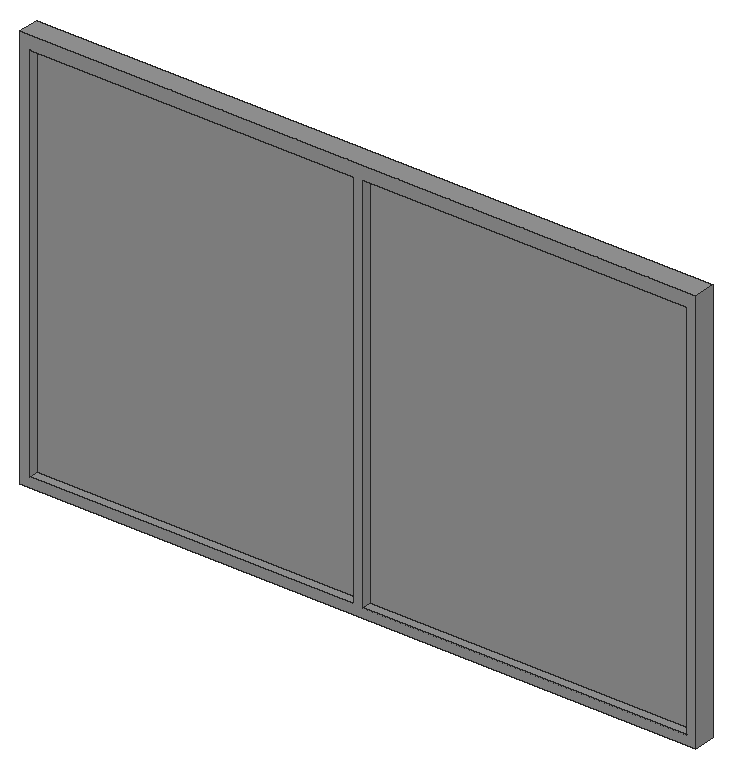
Revit family "Window W5 W6", category Windows, host Wall, Revit 2025
Family settings
  Host = Wall
  OmniClass Number = 23.30.20.00
  OmniClass Title = Windows
  Always vertical = Yes
  Cut with Voids When Loaded = No
  Shared = No
  Room Calculation Point = No
Parameters (values of type "W6")
  Window Width = 0.5"
  Rough Height = 126"
  Height = 83"
  Glass Material = Glass, Clear Glazing, Tempered
  Frame Width = 4.5"
  Frame Size = 2"
  Frame Material = Laminate, Black
  Default Sill Height = 36"
  Wall Closure = By host
  Width = 146.5"
Types (3): name | Width
  (no name) | 146.5"
  W6 | 146.5"
  W5 | 160"
Reference planes (in)
  plane 1 "Center (Front/Back)": y = 0
  plane 2: z = 0
  plane 3 "Center (Left/Right)": x = 0
  plane 4 "Sill": z = 36
  plane 5: y = 2.25
  plane 6: y = -2.25
  plane 7: y = 0.25
  plane 8: y = -0.25
Forms (in)
  Extrusion 1, solid, material "Laminate, Black" <- "Frame Material"
    sketch origin (0, 0, 0) x (1, 0, 0) y (0, 0, 1)
      loop
        line (73.25, 112) -> (-73.25, 112) -> (-73.25, 24) -> (73.25, 24) -> (73.25, 112)
      loop
        line (71.25, 109) -> (1, 109) -> (1, 26) -> (71.25, 26) -> (71.25, 109)
      loop
        line (-71.25, 109) -> (-71.25, 26) -> (-1, 26) -> (-1, 109) -> (-71.25, 109)
    from -2.25 to 2.25
  Extrusion 2, solid, material "Glass, Clear Glazing, Tempered" <- "Glass Material"
    sketch origin (0, 0, 0) x (1, 0, 0) y (0, 0, 1)
      loop
        line (-71.25, 109) -> (-71.25, 26) -> (-1, 26) -> (-1, 109) -> (-71.25, 109)
      loop
        line (1, 26) -> (71.25, 26) -> (71.25, 109) -> (1, 109) -> (1, 26)
    from -0.25 to 0.25
Lines and regions (in)
  Opening 1
    outline origin (-60, -7, 0) x (1, 0, 0) y (0, 0, 1)
      loop
        line (-13.25, 112) -> (-13.25, 24) -> (133.25, 24) -> (133.25, 112) -> (-13.25, 112)
Text (in)
  text "EXTERIOR" at (-58.6888, 50.90694, 0), in view "Ref. Level"
  text "INTERIOR" at (-58.6888, -37.76638, 0), in view "Ref. Level"
  text "Exterior" at (0, 43.65631, 123.19604), in view "Left"
  text "Exterior" at (0, 18.29385, 125.04747), in view "Right"
Dimensions and locks (in)
  equal spacing: Opening 1 sketch curve, plane 3 "Center (Left/Right)", Opening 1 sketch curve
  equal spacing: Extrusion 1 sketch curve, plane 3 "Center (Left/Right)", Extrusion 1 sketch curve  (x3)
  plane 2 to Extrusion 1 sketch curve = 24"
  "Frame Size": Extrusion 1 sketch curve to Extrusion 1 sketch curve  (x3)
  Extrusion 1 sketch curve to Extrusion 1 sketch curve = 70.25"  (x2)
  Extrusion 1 sketch curve to Extrusion 1 sketch curve = 2"
  "Height": Extrusion 1 sketch curve to Extrusion 1 sketch curve
  "Width": Extrusion 1 sketch curve to Extrusion 1 sketch curve
  Extrusion 1 sketch curve to Extrusion 1 sketch curve = 3"
  equal spacing: host wall, plane 1 "Center (Front/Back)", host wall
  equal spacing: plane 6, plane 1 "Center (Front/Back)", plane 5
  "Frame Width": plane 5 to plane 6
  equal spacing: plane 7, plane 1 "Center (Front/Back)", plane 8
  "Window Width": plane 7 to plane 8
  aligned and locked: level to plane 2
  aligned and locked: Extrusion 1 sketch curve to Extrusion 1 sketch curve
  aligned and locked: Extrusion 1 to plane 6
  aligned and locked: plane 5 to Extrusion 1
  aligned and locked: Opening 1 sketch curve to Extrusion 1  (x3)
  aligned and locked: plane 7 to Extrusion 2
  aligned and locked: Extrusion 2 to plane 8
  aligned and locked: Extrusion 2 sketch curve to Extrusion 1  (x2)
Automatic sketch dimensions
  plane 4 "Sill" to Extrusion 2 sketch curve = 10"  (x2)
  Extrusion 2 sketch curve to plane 3 "Center (Left/Right)" = 1"
  plane 3 "Center (Left/Right)" to Extrusion 2 sketch curve = 1"
  Extrusion 2 sketch curve to plane 4 "Sill" = 73"
  Extrusion 2 sketch curve to Extrusion 2 sketch curve = 0"
  plane 4 "Sill" to Extrusion 1 sketch curve = 12"
  Extrusion 1 sketch curve to Extrusion 1 sketch curve = 0"
